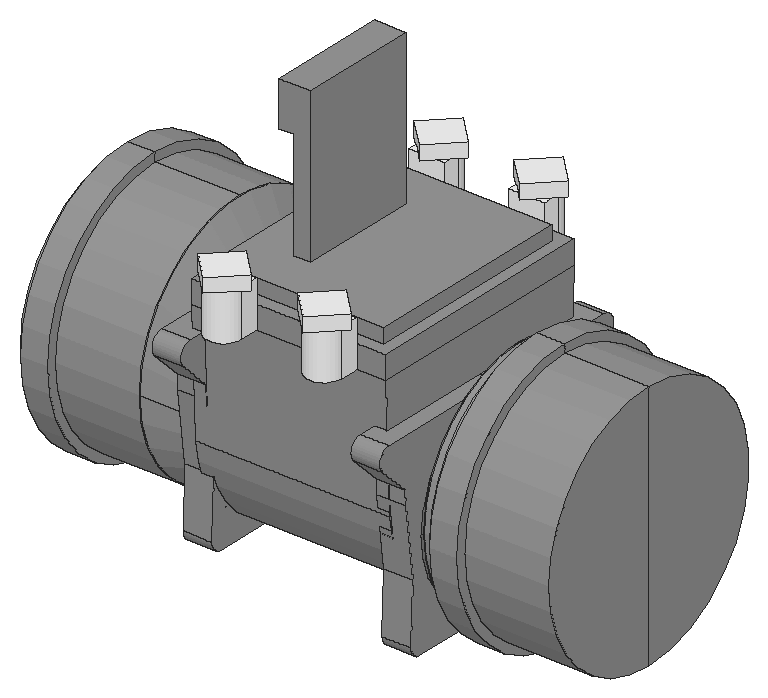
Revit family "HL_RU_Anti-flooding valve_HL720.1-A-171212", category Příslušenství trubek, Revit 2021
Family settings
  Kóta kulaté spojky = Použít průměr
  Typ dílu = Normální
  Číslo OmniClass = 23.65.55.14.21
  Nadpis OmniClass = Non-Return Valves for Liquid Services
  Založené na pracovní rovině = Ne
  Vždy vertikální = Ano
  Ořezat dutým tvarem při načtení = Ne
  Sdílené = Ne
Parameters
  РАЗМЕР = "DN200"
  ПРОПУСКНАЯ СПОСОБНОСТЬ [instance] = 0.0 m³/h
  ПРАВОВАЯ ИНФОРМАЦИЯ = "\"Copyright (©), design rights or any other intellectual property rights, shall be the exclusive property of HL Hutterer & Lechner GmbH. Modification is not allowed. Family has been watermarked.\""
  ПАДЕНИЕ ДАВЛЕНИЯ [instance] = 0.0 Pa
  НОМИНАЛЬНЫЙ ДИАМЕТР 2 = 200 mm
  НОМИНАЛЬНЫЙ ДИАМЕТР = 200 mm
  МАТЕРИАЛ = "ABS"
  ВЫСОТА МОНТАЖА = "350 mm"
  ВЕС = "3,68 kg"
  Výrobce = "HL Hutterer & Lechner GmbH"
  Výchozí výška = 0 mm
  URL = "http://www.hutterer-lechner.com/en/products/catalog/roof-drains/HL720.1.aspx"
  Description = "Anti flood valves"
  Model = "HL720.1"
  Type Comments = "anti-flood valve DN200 with stainless steel flap and manual blocking"
  Keynote = "HL720.1"
  EAN = "9003076972012"
  Cena = 0
Types (2, lengths in mm): name | ПРАВОВАЯ ИНФОРМАЦИЯ | URL | Description | Type Comments
  (no name) | "\"Copyright (©), design rights or any other intellectual property rights, shall be the exclusive property of HL Hutterer & Lechner GmbH. Modification is not allowed. Family has been watermarked.\"" | "http://www.hutterer-lechner.com/en/products/catalog/roof-drains/HL720.1.aspx" | "Anti flood valves" | "anti-flood valve DN200 with stainless steel flap and manual blocking"
  HL_Механический канализационный затвор_HL720.1 | "\"Авторские права(©), права на дизайн или какие либо другие права интелектуальной собственности являются исключительной собственностью компании HL Hutterer & Lechner. Изменению не подлежит. Файл семейства с данными о прозводителе изделия защищен паролем с водяным знаком.\"" | "http://www.hutterer-lechner.com/ru/products/catalog/roof-drains/HL720.1.aspx" | "Механический канализационный затвор" | "Канализационный затвор DN200 с заслонкой из нержавеющей стали и ручным затвором"
Reference planes
  plane 1 "Střed (vpředu/vzadu)": y = 0
  plane 2: z = 0
  plane 3 "Střed (vlevo/vpravo)": x = 0
Forms (mm)
  Extrusion 1, solid, material "Plastic - Orange", detail levels fine
    sketch origin (127, -0.5, 111.5) x (1, 0, 0) y (0, 1, 0)
      loop
        line (70, -88.309) -> (70, 88.309) -> (-73, 88.309) -> (-73, -88.309) -> (70, -88.309)
    from -12 to 0
  Extrusion 2, solid, material "Plastic - Orange", detail levels fine
    sketch origin (127, -0.5, 99.5) x (0, 1, 0) y (1, 0, 0)
      loop
        line (99.13, -83) -> (99.13, 80) -> (-98.87, 80) -> (-98.87, -83) -> (99.13, -83)
    from 0 to 20
  Sweep 3, solid, material "Plastic - Orange", detail levels fine
    path origin (127, -0.5, 111.5) x (1, 0, 0) y (0, 0, 1)
      loop
        line (80, -32) -> (-83, -32)
    profile origin (125.5, -0.5, 79.5) x (0, 0, -1) y (0, -1, 0)
      loop
        line (0, -99.13) -> (104.005, -94.138)
        arc (104.005, -94.138) -> (166.421, -64.809) -> (189.998, 0) r 90.409
        arc (189.998, 0) -> (166.421, 64.809) -> (104.005, 94.138) r 90.409
        line (104.005, 94.138) -> (0, 99.13) -> (0, 0) -> (0, -99.13)
  Extrusion 4, solid, material "Plactic - White", detail levels fine
    sketch origin (127, -0.5, 111.5) x (1, 0, 0) y (0, 1, 0)
      loop
        line (40.5, -136.497) -> (63.127, -113.87) -> (40.5, -91.242) -> (17.873, -113.87) -> (40.5, -136.497)
    from 7.235 to 19.235
  Extrusion 5, solid, material "Plactic - White", detail levels fine
    sketch origin (127, -0.5, 118.735) x (0, 1, 0) y (1, 0, 0)
      loop
        arc (-113.87, 55.5) -> (-128.87, 40.5) -> (-113.87, 25.5) r 15
        line (-113.87, 25.5) -> (-98.52, 25.5) -> (-98.52, 55.5) -> (-113.87, 55.5)
    from 0 to 39.235
  Extrusion 6, solid, material "Plactic - White", detail levels fine
    sketch origin (43, -0.5, 111.5) x (1, 0, 0) y (0, 1, 0)
      loop
        line (40.5, -136.497) -> (63.127, -113.87) -> (40.5, -91.242) -> (17.873, -113.87) -> (40.5, -136.497)
    from 7.235 to 19.235
  Extrusion 7, solid, material "Plactic - White", detail levels fine
    sketch origin (43, -0.5, 118.735) x (0, 1, 0) y (1, 0, 0)
      loop
        arc (-113.87, 55.5) -> (-128.87, 40.5) -> (-113.87, 25.5) r 15
        line (-113.87, 25.5) -> (-98.52, 25.5) -> (-98.52, 55.5) -> (-113.87, 55.5)
    from 0 to 39.235
  Extrusion 8, solid, material "Plactic - White", detail levels fine
    sketch origin (127, -0.5, 111.5) x (1, 0, 0) y (0, 1, 0)
      loop
        line (40.5, 136.497) -> (17.873, 113.87) -> (40.5, 91.242) -> (63.127, 113.87) -> (40.5, 136.497)
    from 7.235 to 19.235
  Extrusion 9, solid, material "Plactic - White", detail levels fine
    sketch origin (127, -0.5, 118.735) x (0, -1, 0) y (1, 0, 0)
      loop
        arc (-113.87, 55.5) -> (-128.87, 40.5) -> (-113.87, 25.5) r 15
        line (-113.87, 25.5) -> (-98.52, 25.5) -> (-98.52, 55.5) -> (-113.87, 55.5)
    from 0 to 39.235
  Extrusion 10, solid, material "Plactic - White", detail levels fine
    sketch origin (43, -0.5, 111.5) x (1, 0, 0) y (0, 1, 0)
      loop
        line (40.5, 136.497) -> (17.873, 113.87) -> (40.5, 91.242) -> (63.127, 113.87) -> (40.5, 136.497)
    from 7.235 to 19.235
  Extrusion 11, solid, material "Plactic - White", detail levels fine
    sketch origin (43, -0.5, 118.735) x (0, -1, 0) y (1, 0, 0)
      loop
        arc (-113.87, 55.5) -> (-128.87, 40.5) -> (-113.87, 25.5) r 15
        line (-113.87, 25.5) -> (-98.52, 25.5) -> (-98.52, 55.5) -> (-113.87, 55.5)
    from 0 to 39.235
  Extrusion 12, solid, material "Plastic - Orange", detail levels fine
    sketch origin (127, -0.5, 111.5) x (0, 1, 0) y (0, 0, 1)
      loop
        arc (-112.5, -69.599) -> (-121.739, -75.772) -> (-119.571, -86.67) r 10
        line (-119.571, -86.67) -> (-96.14, -110.101) -> (-95.533, -122.745) -> (-88.249, -181.291) -> (-90.006, -231.593)
        arc (-90.006, -231.593) -> (-87.075, -238.668) -> (-80, -241.599) r 10.006
        line (-80, -241.599) -> (0, -241.599) -> (80, -241.599)
        arc (80, -241.599) -> (87.075, -238.668) -> (90.006, -231.593) r 10.006
        line (90.006, -231.593) -> (88.249, -181.291) -> (95.533, -122.745) -> (96.14, -110.101) -> (119.571, -86.67)
        arc (119.571, -86.67) -> (121.739, -75.772) -> (112.5, -69.599) r 10
        line (112.5, -69.599) -> (0, -69.599) -> (-112.5, -69.599)
    from 70 to 94
  Extrusion 13, solid, material "Plastic - Orange", detail levels fine
    sketch origin (127, -0.5, 132.099) x (0, 1, 0) y (0, 0, 1)
      loop
        arc (-112.5, -69.599) -> (-121.739, -75.772) -> (-119.571, -86.67) r 10
        line (-119.571, -86.67) -> (-96.14, -110.101) -> (-95.533, -122.745) -> (-88.249, -181.291) -> (-90.006, -231.593)
        arc (-90.006, -231.593) -> (-87.075, -238.668) -> (-80, -241.599) r 10.006
        line (-80, -241.599) -> (0, -241.599) -> (80, -241.599)
        arc (80, -241.599) -> (87.075, -238.668) -> (90.006, -231.593) r 10.006
        line (90.006, -231.593) -> (88.249, -181.291) -> (95.533, -122.745) -> (96.14, -110.101) -> (119.571, -86.67)
        arc (119.571, -86.67) -> (121.739, -75.772) -> (112.5, -69.599) r 10
        line (112.5, -69.599) -> (0, -69.599) -> (-112.5, -69.599)
    from -97 to -73
  Revolve 14, solid, material "Plastic - Orange", detail levels fine
    sketch origin (127, -0.5, 111.5) x (1, 0, 0) y (0, 0, 1)
      loop
        line (-222, -111.5) -> (-122, -111.5) -> (-122, -6.5) -> (-193, -6.5) -> (-193, 0.981) -> (-215.833, 0.981) -> (-215.833, -6.5) -> (-222, -6.5) -> (-222, -111.5)
      axis (-122, -111.5) -> (-222, -111.5)
    angle from 0 to 360
  Blend 15, solid, material "Plastic - Orange", detail levels fine
    base sketch origin (127, -0.5, 111.5) x (0, 1, 0) y (0, 0, 1)
      loop
        circle (0, -111.5) r 105
    top sketch origin (127, -0.5, 111.5) x (0, 1, 0) y (0, 0, 1)
      loop
        circle (0, -129) r 80
    from -122 to -97
  Blend 16, solid, material "Plastic - Orange", detail levels fine
    base sketch origin (127, -0.5, 88.46) x (0, 1, 0) y (0, 0, -1)
      loop
        circle (0, 111.5) r 100
    top sketch origin (127, -0.5, 88.46) x (0, 1, 0) y (0, 0, -1)
      loop
        circle (0, 129) r 80
    from -112.862 to -94
  Extrusion 17, solid, material "Plastic - Orange", not visible, detail levels fine
    sketch origin (239.862, -0.5, 73.172) x (0, -1, 0) y (0, 0, -1)
      loop
        circle (0, 96.212) r 100
    from 0 to 109.138
  Extrusion 18, solid, material "Plastic - Red", detail levels fine
    sketch origin (127, 0, 111.5) x (1, 0, 0) y (0, 0, 1)
      loop
        line (-22.5, 128.65) -> (-49, 128.65) -> (-49, 91.15) -> (-36.5, 91.15) -> (-36.5, 0) -> (-22.5, 0) -> (-22.5, 128.65)
    from -50 to 50
  Revolve 19, solid, material "Plastic - Orange", detail levels fine
    sketch origin (471, -0.5, 88.46) x (1, 0, 0) y (0, 0, 1)
      loop
        line (-231.138, -111.5) -> (-122, -111.5) -> (-122, -6.5) -> (-193, -6.5) -> (-193, 0.981) -> (-215.833, 0.981) -> (-215.833, -6.5) -> (-222, -6.5) -> (-222, -11.5) -> (-231.138, -11.5) -> (-231.138, -111.5)
      axis (-122, -111.5) -> (-231.138, -111.5)
    angle from 0 to 360
Lines and regions (mm)
  model lines, style "Symbol", detail levels coarse+medium
    curve 1: line (0, 0, 0) -> (349, 0, -23.659)
    curve 2: line (299.5, 0, -71.83) -> (299.5, 0, 48.17)
    curve 3: line (49.5, 0, -71.83) -> (49.5, 0, 48.17)
    curve 4: line (49.5, 0, 48.17) -> (299.5, 0, 48.17)
    curve 11: line (49.5, 0, -71.83) -> (299.5, 0, -71.83)
  symbolic lines, style "Symbol", detail levels coarse+medium
    curve 5: line (350, 0, 0) -> (0, 0, 0)
    curve 6: line (300, -60, 0) -> (300, 60, 0)
    curve 7: line (50, -60, 0) -> (50, 60, 0)
    curve 8: line (50, 60, 0) -> (300, 60, 0)
    curve 12: line (174.5, -105, 0) -> (174.5, 105, 0)
    curve 13: line (50, -60, 0) -> (300, -60, 0)
  model lines, detail levels coarse+medium
    curve 9: line (174.5, 0, -11.83) -> (174.5, 0, 93.17)
    curve 10: line (174.5, 0, -116.83) -> (174.5, 0, -11.83)
Dimensions and locks
  aligned and locked: level to plane 2
Connectors
  piping at (0, 0, 0), diameter 200, driven by "ПАДЕНИЕ ДАВЛЕНИЯ", driven by "НОМИНАЛЬНЫЙ ДИАМЕТР", driven by "ПРОПУСКНАЯ СПОСОБНОСТЬ"
    settings: on plane 3 "Střed (vlevo/vpravo)", index 1, connector inside diameter 609.6 mm, connector length 0 mm, flow factor 0, pipe flow 0.0 m³/h, pressure drop 0.0 Pa, fitting loss kfactor 0, connector angle 0.00°, fixture units 0, engagement length 0 mm, angle of deflection 0.00°, flow configuration 0, flow direction 0, fitting loss method 4, system type 16, joint type 0, gender type 0, connector reference index -1, connector utility 0, adjustable connector no, is connector primary yes, connector description ""
  piping at (349, -0.5, -23.04), diameter 200, driven by "НОМИНАЛЬНЫЙ ДИАМЕТР 2", driven by "ПРОПУСКНАЯ СПОСОБНОСТЬ"
    settings: on Extrusion 17, index 2, connector inside diameter 609.6 mm, connector length 0 mm, flow factor 0, pipe flow 0.0 m³/h, pressure drop 0.0 Pa, fitting loss kfactor 0, connector angle 0.00°, fixture units 0, engagement length 0 mm, angle of deflection 0.00°, flow configuration 1, flow direction 2, fitting loss method 4, system type 16, joint type 0, gender type 0, connector reference index -1, connector utility 0, adjustable connector no, is connector primary no, connector description ""
